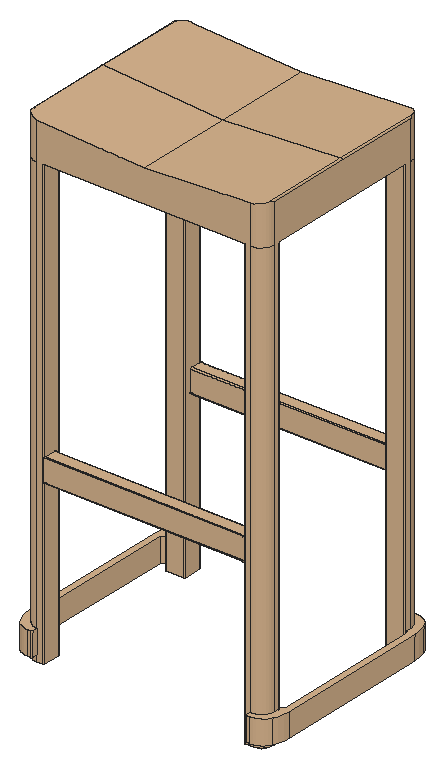
Revit family "Artek_Bar Stools_Atelier Bar Stool _Atelier Bar Stool_quick_ship", category Furniture, Revit 2018
Family settings
  OmniClass Number = 23.40.20.14.14.17
  OmniClass Title = Stools
  Work Plane-Based = No
  Always vertical = Yes
  Cut with Voids When Loaded = No
  Shared = No
  Room Calculation Point = No
Parameters (values of type "Atelier Bar Stool 28104703")
  WarrantyStartDate [instance] = "n/a"
  WarrantyGuarantorParts = "n/a"
  WarrantyGuarantorLabor = "n/a"
  WarrantyDurationUnit = "Years"
  WarrantyDurationParts = "n/a"
  WarrantyDurationLabor = "n/a"
  WarrantyDescription = "n/a"
  VersionDate = "11/3/2020"  # constant formula
  Version = "1"  # constant formula
  Uniclass2015Reference = "Pr_40_50_12_85"
  Uniclass2015Description = "Stools"
  Uniclass2 = "Pr_40_50_12_83"
  URL = "https://www.artek.fi/en/products/atelier-bar-stool"
  Type Comments = ""
  TagNumber [instance] = "n/a"
  SustainabilityPerformance = "n/a"
  Style = "n/a"
  StoolControl = atelier_bar_stool_75 : atelier_bar_stool_75
  Size = "400x750x320 mm"
  Shape = "Sculptured"
  SerialNumber [instance] = "n/a"
  SeatingHeight = NominalHeight  # 750 mm
  Revision = "n/a"
  ReplacementCost = "n/a"
  ProductInformation = "n/a"
  Product data url = ""
  NominalLength = 397 mm
  NominalHeight = 750 mm
  NominalDepth = 319.954 mm
  Name = "Atelier Bar Stool"
  NBSReference = "45-35-20/365"
  NBSDescription = "Domestic chairs"
  ModelReference = "n/a"
  ModelNumber = "28104703"
  Material = "Wood"
  ManufacturerURL = "https://www.artek.fi/"
  ManufacturerName = "Artek"
  Model = "Atelier Bar Stool 28104703"
  Manufacturer = "Artek"
  MainColor = "Natural oak"
  LowestSeatingHeight = SeatingHeight  # 750 mm
  InstallationDate [instance] = "n/a"
  IfcExportType = "CHAIR"  # constant formula
  IfcExportAs = "IfcFurnishingElementType"  # constant formula
  HighestSeatingHeight = SeatingHeight  # 750 mm
  Grade = "n/a"
  Finish = "n/a"
  Features = "n/a"
  ExpectedLife = "n/a"
  DurationUnit = "Years"
  Designer = "TAF Studio"
  Cost = 0
  ConvergoRefNr = "0190-2009-0052-FI"
  Constituents = "n/a"
  Color = "Natural oak"
  Collection = "Atelier Bar Stool "
  CodePerformance = "n/a"
  ChairMainMaterial = Natural oak
  Barcode [instance] = "n/a"
  AssetIdentifier [instance] = "n/a"
  Category = "Bar Stools"
  Brand = "Artek"
  BIMObjectName = "Artek_Bar Stools_Atelier Bar Stool _Atelier Bar Stool"  # constant formula
  Author = "Convergo AB"  # constant formula
  AssetType = "Movable"
  AccessibilityPerformance = "n/a"
Types (13, lengths in mm): name | StoolControl | Size | SeatingHeight | NominalHeight | ModelNumber | Model | MainColor | LowestSeatingHeight | HighestSeatingHeight | ConvergoRefNr | Color | ChairMainMaterial
  (no name) | atelier_bar_stool_75 : atelier_bar_stool_75 | "400x750x320 mm" | 750 | 750 | "28104703" | "Atelier Bar Stool 28104703" | "Natural oak" | 750 | 750 | "0190-2009-0052-FI" | "Natural oak" | Natural oak
  Atelier Bar Stool 28104601 | atelier_bar_stool_65 : atelier_bar_stool_65 | "400x650x320 mm" | 650 | 650 | "28104601" | "Atelier Bar Stool 28104601" | "Natural beech" | 650 | 650 | "0190-2009-0051-FI" | "Natural beech" | Natural Beech
  Atelier Bar Stool 28104602 | atelier_bar_stool_65 : atelier_bar_stool_65 | "400x650x320 mm" | 650 | 650 | "28104602" | "Atelier Bar Stool 28104602" | "Natural ash" | 650 | 650 | "0190-2009-0051-FI" | "Natural ash" | Natural Ash
  Atelier Bar Stool 28104603 | atelier_bar_stool_65 : atelier_bar_stool_65 | "400x650x320 mm" | 650 | 650 | "28104603" | "Atelier Bar Stool 28104603" | "Natural oak" | 650 | 650 | "0190-2009-0051-FI" | "Natural oak" | Natural oak
  Atelier Bar Stool 28104604 | atelier_bar_stool_65 : atelier_bar_stool_65 | "400x650x320 mm" | 650 | 650 | "28104604" | "Atelier Bar Stool 28104604" | "Black" | 650 | 650 | "0190-2009-0051-FI" | "Black" | Black beech
  Atelier Bar Stool 28104605 | atelier_bar_stool_65 : atelier_bar_stool_65 | "400x650x320 mm" | 650 | 650 | "28104605" | "Atelier Bar Stool 28104605" | "Dark red" | 650 | 650 | "0190-2009-0051-FI" | "Dark red" | Dark red Beech
  Atelier Bar Stool 28104606 | atelier_bar_stool_65 : atelier_bar_stool_65 | "400x650x320 mm" | 650 | 650 | "28104606" | "Atelier Bar Stool 28104606" | "Green" | 650 | 650 | "0190-2009-0051-FI" | "Green" | Green Beech
  Atelier Bar Stool 28104701 | atelier_bar_stool_75 : atelier_bar_stool_75 | "400x750x320 mm" | 750 | 750 | "28104701" | "Atelier Bar Stool 28104701" | "Natural beech" | 750 | 750 | "0190-2009-0052-FI" | "Natural beech" | Natural Beech
  Atelier Bar Stool 28104702 | atelier_bar_stool_75 : atelier_bar_stool_75 | "400x750x320 mm" | 750 | 750 | "28104702" | "Atelier Bar Stool 28104702" | "Natural ash" | 750 | 750 | "0190-2009-0052-FI" | "Natural ash" | Natural Ash
  Atelier Bar Stool 28104703 | atelier_bar_stool_75 : atelier_bar_stool_75 | "400x750x320 mm" | 750 | 750 | "28104703" | "Atelier Bar Stool 28104703" | "Natural oak" | 750 | 750 | "0190-2009-0052-FI" | "Natural oak" | Natural oak
  Atelier Bar Stool 28104704 | atelier_bar_stool_75 : atelier_bar_stool_75 | "400x750x320 mm" | 750 | 750 | "28104704" | "Atelier Bar Stool 28104704" | "Black" | 750 | 750 | "0190-2009-0052-FI" | "Black" | Black beech
  Atelier Bar Stool 28104705 | atelier_bar_stool_75 : atelier_bar_stool_75 | "400x750x320 mm" | 750 | 750 | "28104705" | "Atelier Bar Stool 28104705" | "Dark red" | 750 | 750 | "0190-2009-0052-FI" | "Dark red" | Dark red Beech
  Atelier Bar Stool 28104706 | atelier_bar_stool_75 : atelier_bar_stool_75 | "400x750x320 mm" | 750 | 750 | "28104706" | "Atelier Bar Stool 28104706" | "Green" | 750 | 750 | "0190-2009-0052-FI" | "Green" | Green Beech
Reference planes
  plane 1 "Center (Front/Back)": y = 0
  plane 2: z = 0
  plane 3 "Center (Left/Right)": x = 0
  plane 4: x = -198.5
  plane 5: x = 198.5
  plane 6: y = 159.977
  plane 7: y = -159.977
  plane 8: z = 750
Dimensions and locks
  equal spacing: plane 4, plane 3 "Center (Left/Right)", plane 5
  "NominalLength": plane 4 to plane 5
  equal spacing: plane 7, plane 1 "Center (Front/Back)", plane 6
  "NominalDepth": plane 7 to plane 6
  "NominalHeight": plane 8 to level
  aligned and locked: level to plane 2
Nested families
  nested 1: "atelier_bar_stool_75" at (0, 0, 0), type <- "StoolControl", Body <- "ChairMainMaterial", type "atelier_bar_stool_75"
    with Body Natural oak
Definition of nested family "atelier_bar_stool_75"
  Parameters (values of type "atelier_bar_stool_75")
    Body [instance] = none
  Reference planes
    plane 1 "Center (Front/Back)": y = 0
    plane 2: z = 0
    plane 3 "Center (Left/Right)": x = 0
    plane 4: z = 0
    plane 5: z = 650
    plane 6: z = 750
  Forms (mm)
    Extrusion 1, solid, material <- "Body", detail levels medium+fine
      sketch origin (0, 0, 0) x (1, 0, 0) y (0, 1, 0)
        loop
          line (-153.5, 121.993) -> (-153.5, 147.983)
          arc (-153.5, 147.983) -> (-154.092, 149.411) -> (-155.52, 150.003) r 2.02
          line (-155.52, 150.003) -> (-163.5, 150.003)
          arc (-163.5, 150.003) -> (-177.642, 144.145) -> (-183.5, 130.003) r 20
          line (-183.5, 130.003) -> (-183.5, 121.982)
          arc (-183.5, 121.982) -> (-182.92, 120.583) -> (-181.521, 120.003) r 1.979
          line (-181.521, 120.003) -> (-155.49, 120.003)
          arc (-155.49, 120.003) -> (-154.083, 120.586) -> (-153.5, 121.993) r 1.99
        loop
          arc (153.5, 121.993) -> (154.083, 120.586) -> (155.49, 120.003) r 1.99
          line (155.49, 120.003) -> (181.521, 120.003)
          arc (181.521, 120.003) -> (182.92, 120.583) -> (183.5, 121.982) r 1.979
          line (183.5, 121.982) -> (183.5, 130.003)
          arc (183.5, 130.003) -> (177.642, 144.145) -> (163.5, 150.003) r 20
          line (163.5, 150.003) -> (155.52, 150.003)
          arc (155.52, 150.003) -> (154.092, 149.411) -> (153.5, 147.983) r 2.02
          line (153.5, 147.983) -> (153.5, 121.993)
        loop
          arc (-153.5, -121.993) -> (-154.083, -120.586) -> (-155.49, -120.003) r 1.99
          line (-155.49, -120.003) -> (-181.521, -120.003)
          arc (-181.521, -120.003) -> (-182.92, -120.583) -> (-183.5, -121.982) r 1.979
          line (-183.5, -121.982) -> (-183.5, -130.003)
          arc (-183.5, -130.003) -> (-177.642, -144.145) -> (-163.5, -150.003) r 20
          line (-163.5, -150.003) -> (-155.52, -150.003)
          arc (-155.52, -150.003) -> (-154.092, -149.411) -> (-153.5, -147.983) r 2.02
          line (-153.5, -147.983) -> (-153.5, -121.993)
        loop
          line (153.5, -121.993) -> (153.5, -147.983)
          arc (153.5, -147.983) -> (154.092, -149.411) -> (155.52, -150.003) r 2.02
          line (155.52, -150.003) -> (163.5, -150.003)
          arc (163.5, -150.003) -> (177.642, -144.145) -> (183.5, -130.003) r 20
          line (183.5, -130.003) -> (183.5, -121.982)
          arc (183.5, -121.982) -> (182.92, -120.583) -> (181.521, -120.003) r 1.979
          line (181.521, -120.003) -> (155.49, -120.003)
          arc (155.49, -120.003) -> (154.083, -120.586) -> (153.5, -121.993) r 1.99
      from 4 to 689.228
    Extrusion 2, solid, material <- "Body", detail levels medium+fine
      sketch origin (0, 0, 100) x (1, 0, 0) y (0, 0, 1)
        loop
          line (-183.5, 589.228) -> (183.5, 589.228) -> (183.5, 647.926)
          arc (183.5, 647.926) -> (182.813, 649.444) -> (181.218, 649.931) r 2.022
          arc (181.218, 649.931) -> (90.798, 641.163) -> (0, 638.237) r 1409.993
          arc (0, 638.237) -> (-90.798, 641.163) -> (-181.218, 649.931) r 1409.993
          arc (-181.218, 649.931) -> (-182.813, 649.444) -> (-183.5, 647.926) r 2.022
          line (-183.5, 647.926) -> (-183.5, 589.228)
      from -150.003 to 0
    Extrusion 3, void
      sketch origin (0, 0, 0) x (1, 0, 0) y (0, 1, 0)
        loop
          line (-163.5, 150.003) -> (-163.5, 152.218) -> (-185.506, 152.218) -> (-185.506, 130.003) -> (-183.5, 130.003)
          arc (-183.5, 130.003) -> (-177.642, 144.145) -> (-163.5, 150.003) r 20
        loop
          line (183.5, 130.003) -> (188.5, 130.003) -> (188.5, 155.003) -> (163.5, 155.003) -> (163.5, 150.003)
          arc (163.5, 150.003) -> (177.642, 144.145) -> (183.5, 130.003) r 20
      from 533.605 to 774.294
    Extrusion 4, solid, material <- "Body", detail levels medium+fine
      sketch origin (0, 0, 100) x (1, 0, 0) y (0, 0, -1)
        loop
          line (-183.5, -589.228) -> (-183.5, -647.926)
          arc (-183.5, -647.926) -> (-182.813, -649.444) -> (-181.218, -649.931) r 2.022
          arc (-181.218, -649.931) -> (-90.798, -641.163) -> (0, -638.237) r 1409.993
          arc (0, -638.237) -> (90.798, -641.163) -> (181.218, -649.931) r 1409.993
          arc (181.218, -649.931) -> (182.813, -649.444) -> (183.5, -647.926) r 2.022
          line (183.5, -647.926) -> (183.5, -589.228) -> (-183.5, -589.228)
      from -150.003 to 0
    Extrusion 5, void
      sketch origin (0, 0, 0) x (1, 0, 0) y (0, 1, 0)
        loop
          arc (-163.5, -150.003) -> (-177.642, -144.145) -> (-183.5, -130.003) r 20
          line (-183.5, -130.003) -> (-185.506, -130.003) -> (-185.506, -152.218) -> (-163.5, -152.218) -> (-163.5, -150.003)
        loop
          arc (183.5, -130.003) -> (177.642, -144.145) -> (163.5, -150.003) r 20
          line (163.5, -150.003) -> (163.5, -155.003) -> (188.5, -155.003) -> (188.5, -130.003) -> (183.5, -130.003)
      from 533.605 to 781.012
    Extrusion 6, solid, material <- "Body", detail levels medium+fine
      sketch origin (0, 0, 100) x (0, 1, 0) y (0, 0, 1)
        loop
          line (148.455, 188.236) -> (131.503, 188.236)
          arc (131.503, 188.236) -> (130.442, 187.797) -> (130.003, 186.736) r 1.5
          line (130.003, 186.736) -> (130.003, 153.736)
          arc (130.003, 153.736) -> (130.442, 152.676) -> (131.503, 152.236) r 1.5
          line (131.503, 152.236) -> (148.508, 152.236)
          arc (148.508, 152.236) -> (149.565, 152.674) -> (150.003, 153.732) r 1.495
          line (150.003, 153.732) -> (150.003, 186.689)
          arc (150.003, 186.689) -> (149.55, 187.783) -> (148.455, 188.236) r 1.548
        loop
          arc (-148.455, 188.236) -> (-149.55, 187.783) -> (-150.003, 186.689) r 1.548
          line (-150.003, 186.689) -> (-150.003, 153.732)
          arc (-150.003, 153.732) -> (-149.565, 152.674) -> (-148.508, 152.236) r 1.495
          line (-148.508, 152.236) -> (-131.503, 152.236)
          arc (-131.503, 152.236) -> (-130.442, 152.676) -> (-130.003, 153.736) r 1.5
          line (-130.003, 153.736) -> (-130.003, 186.736)
          arc (-130.003, 186.736) -> (-130.442, 187.797) -> (-131.503, 188.236) r 1.5
          line (-131.503, 188.236) -> (-148.455, 188.236)
      from -153.679 to 153.5
    Extrusion 7, solid, material <- "Body", detail levels medium+fine
      sketch origin (0, -339.958, 0) x (1, 0, 0) y (0, 1, 0)
        loop
          line (-198.5, 459.963) -> (-198.5, 219.963)
          arc (-198.5, 219.963) -> (-197.067, 206.883) -> (-192.837, 194.423) r 60.42
          arc (-192.837, 194.423) -> (-183.611, 183.905) -> (-170.18, 179.991) r 25
          line (-170.18, 179.991) -> (-165.494, 179.991)
          arc (-165.494, 179.991) -> (-164.058, 180.585) -> (-163.463, 182.021) r 2.03
          line (-163.463, 182.021) -> (-163.463, 189.955)
          arc (-163.463, 189.955) -> (-177.621, 195.814) -> (-183.5, 209.963) r 20.037
          line (-183.5, 209.963) -> (-183.5, 219.963)
          arc (-183.5, 219.963) -> (-187.017, 221.509) -> (-188.462, 225.069) r 5.108
          line (-188.462, 225.069) -> (-188.462, 454.857)
          arc (-188.462, 454.857) -> (-187.017, 458.417) -> (-183.5, 459.963) r 5.108
          line (-183.5, 459.963) -> (-183.5, 469.963)
          arc (-183.5, 469.963) -> (-177.621, 484.112) -> (-163.463, 489.97) r 20.037
          line (-163.463, 489.97) -> (-163.463, 497.905)
          arc (-163.463, 497.905) -> (-164.058, 499.34) -> (-165.494, 499.935) r 2.03
          line (-165.494, 499.935) -> (-168.298, 499.935)
          arc (-168.298, 499.935) -> (-183.916, 495.148) -> (-194.167, 482.43) r 27.868
          arc (-194.167, 482.43) -> (-197.407, 471.403) -> (-198.5, 459.963) r 60.42
      from 14 to 50
    Extrusion 8, solid, material <- "Body", detail levels medium+fine
      sketch origin (0, -339.958, 0) x (-1, 0, 0) y (0, -1, 0)
        loop
          arc (-198.5, -459.963) -> (-197.407, -471.403) -> (-194.167, -482.43) r 60.42
          arc (-194.167, -482.43) -> (-183.916, -495.148) -> (-168.298, -499.935) r 27.868
          line (-168.298, -499.935) -> (-165.494, -499.935)
          arc (-165.494, -499.935) -> (-164.058, -499.34) -> (-163.463, -497.905) r 2.03
          line (-163.463, -497.905) -> (-163.463, -489.97)
          arc (-163.463, -489.97) -> (-177.621, -484.112) -> (-183.5, -469.963) r 20.037
          line (-183.5, -469.963) -> (-183.5, -459.963)
          arc (-183.5, -459.963) -> (-187.017, -458.417) -> (-188.462, -454.857) r 5.108
          line (-188.462, -454.857) -> (-188.462, -225.069)
          arc (-188.462, -225.069) -> (-187.017, -221.509) -> (-183.5, -219.963) r 5.108
          line (-183.5, -219.963) -> (-183.5, -209.963)
          arc (-183.5, -209.963) -> (-177.621, -195.814) -> (-163.463, -189.955) r 20.037
          line (-163.463, -189.955) -> (-163.463, -182.021)
          arc (-163.463, -182.021) -> (-164.058, -180.585) -> (-165.494, -179.991) r 2.03
          line (-165.494, -179.991) -> (-170.18, -179.991)
          arc (-170.18, -179.991) -> (-183.611, -183.905) -> (-192.837, -194.423) r 25
          arc (-192.837, -194.423) -> (-197.067, -206.883) -> (-198.5, -219.963) r 60.42
          line (-198.5, -219.963) -> (-198.5, -459.963)
      from 14 to 50
    Revolve 9, solid, material <- "Body", detail levels medium+fine
      sketch origin (-168.518, -338.181, 0) x (0, 1, 0) y (0, 0, 1)
        loop
          line (202.963, 0) -> (202.963, 4) -> (194.016, 4)
          arc (194.016, 4) -> (194.389, 1.873) -> (195.463, 0) r 6.251
          line (195.463, 0) -> (202.963, 0)
        axis (202.963, 4) -> (202.963, 0)
      angle from 0 to 360
    Revolve 10, solid, material <- "Body", detail levels medium+fine
      sketch origin (-168.518, 338.181, 0) x (0, -1, 0) y (0, 0, -1)
        loop
          line (202.963, 0) -> (195.463, 0)
          arc (195.463, 0) -> (194.389, -1.873) -> (194.016, -4) r 6.251
          line (194.016, -4) -> (202.963, -4) -> (202.963, 0)
        axis (202.963, -4) -> (202.963, 0)
      angle from 0 to 360
    Revolve 11, solid, material <- "Body", detail levels medium+fine
      sketch origin (168.518, -338.181, 0) x (0, 1, 0) y (0, 0, -1)
        loop
          line (202.963, 0) -> (195.463, 0)
          arc (195.463, 0) -> (194.389, -1.873) -> (194.016, -4) r 6.251
          line (194.016, -4) -> (202.963, -4) -> (202.963, 0)
        axis (202.963, -4) -> (202.963, 0)
      angle from 0 to 360
    Revolve 12, solid, material <- "Body", detail levels medium+fine
      sketch origin (168.518, 338.181, 0) x (0, -1, 0) y (0, 0, 1)
        loop
          line (202.963, 0) -> (202.963, 4) -> (194.016, 4)
          arc (194.016, 4) -> (194.389, 1.873) -> (195.463, 0) r 6.251
          line (195.463, 0) -> (202.963, 0)
        axis (202.963, 4) -> (202.963, 0)
      angle from 0 to 360
    Extrusion 13, void
      sketch origin (0, 0, 0) x (1, 0, 0) y (0, 1, 0)
        loop
          line (-153.5, 120.037) -> (-153.5, -120.003) -> (153.5, -120.003) -> (153.5, 120.037) -> (-153.5, 120.037)
      from 682.545 to 728.526
    Extrusion 14, solid, material <- "Body", detail levels coarse
      sketch origin (0, 0, 0) x (1, 0, 0) y (0, 1, 0)
        loop
          line (-198.5, 0.005) -> (-198.5, -159.977) -> (0, -159.977) -> (198.5, -159.977) -> (198.5, 0.005) -> (198.5, 159.977) -> (0, 159.977) -> (-198.5, 159.977) -> (-198.5, 0.005)
      from 0 to 750
  Cuts and joins
    Extrusion 3, Extrusion 5 cuts Extrusion 1
    Extrusion 3, Extrusion 5, Extrusion 13 cuts Extrusion 2
    Extrusion 5, Extrusion 13 cuts Extrusion 4
    joined: Extrusion 1, Extrusion 2, Extrusion 4, Revolve 9, Revolve 11, Revolve 12
    joined: Extrusion 7, Revolve 10
  Lines and regions (mm)
    symbolic lines, detail levels medium+fine
      curve 1: line (0, 150.003, 0) -> (-163.463, 150.003, 0)
      curve 2: line (-163.463, 157.947, 0) -> (-163.463, 150.003, 0)
      curve 3: arc (-165.494, 159.977, 0) -> (-164.058, 159.382, 0) -> (-163.463, 157.947, 0) r 2.03
      curve 4: line (-165.494, 159.977, 0) -> (-168.298, 159.977, 0)
      curve 5: arc (-168.298, 159.977, 0) -> (-183.916, 155.189, 0) -> (-194.167, 142.472, 0) r 27.868
      curve 6: arc (-194.167, 142.472, 0) -> (-197.407, 131.445, 0) -> (-198.5, 120.005, 0) r 60.42
      curve 7: line (-198.5, 120.005, 0) -> (-198.5, -119.995, 0)
      curve 8: arc (-198.5, -119.995, 0) -> (-197.067, -133.076, 0) -> (-192.837, -145.535, 0) r 60.42
      curve 9: arc (-192.837, -145.535, 0) -> (-183.611, -156.053, 0) -> (-170.18, -159.968, 0) r 25
      curve 10: line (-170.18, -159.968, 0) -> (-165.494, -159.968, 0)
      curve 11: arc (-165.494, -159.968, 0) -> (-164.058, -159.373, 0) -> (-163.463, -157.937, 0) r 2.03
      curve 12: line (-163.463, -157.937, 0) -> (-163.463, -150.003, 0)
      curve 13: line (-163.463, -150.003, 0) -> (0, -150.003, 0)
      curve 22: line (0, 150.003, 0) -> (163.463, 150.003, 0)
      curve 23: line (163.463, 157.947, 0) -> (163.463, 150.003, 0)
      curve 24: arc (165.494, 159.977, 0) -> (164.058, 159.382, 0) -> (163.463, 157.947, 0) r 2.03
      curve 25: line (165.494, 159.977, 0) -> (168.298, 159.977, 0)
      curve 26: arc (168.298, 159.977, 0) -> (183.916, 155.189, 0) -> (194.167, 142.472, 0) r 27.868
      curve 27: arc (194.167, 142.472, 0) -> (197.407, 131.445, 0) -> (198.5, 120.005, 0) r 60.42
      curve 28: line (198.5, 120.005, 0) -> (198.5, -119.995, 0)
      curve 29: arc (198.5, -119.995, 0) -> (197.067, -133.076, 0) -> (192.837, -145.535, 0) r 60.42
      curve 30: arc (192.837, -145.535, 0) -> (183.611, -156.053, 0) -> (170.18, -159.968, 0) r 25
      curve 31: line (170.18, -159.968, 0) -> (165.494, -159.968, 0)
      curve 32: arc (165.494, -159.968, 0) -> (164.058, -159.373, 0) -> (163.463, -157.937, 0) r 2.03
      curve 33: line (163.463, -157.937, 0) -> (163.463, -150.003, 0)
      curve 34: line (163.463, -150.003, 0) -> (0, -150.003, 0)
      curve 43: line (-183.479, 0, 747.918) -> (-183.479, 0, 50)
      curve 44: line (-183.479, 0, 50) -> (-198.5, 0, 50)
      curve 45: line (-198.5, 0, 50) -> (-198.5, 0, 14)
      curve 46: line (-198.5, 0, 14) -> (-183.5, 0, 14)
      curve 47: line (-183.5, 0, 14) -> (-183.5, 0, 4)
      curve 48: line (-183.5, 0, 4) -> (-177.466, 0, 4)
      curve 49: arc (-176.018, 0, 0) -> (-177.093, 0, 1.873) -> (-177.466, 0, 4) r 6.251
      curve 50: line (-176.018, 0, 0) -> (-161.018, 0, 0)
      curve 51: line (-153.5, 0, 4) -> (-159.571, 0, 4)
      curve 52: arc (-161.018, 0, 0) -> (-159.944, 0, 1.873) -> (-159.571, 0, 4) r 6.251
      curve 53: line (-153.5, 0, 4) -> (-153.5, 0, 252.304)
      curve 54: line (-153.5, 0, 252.304) -> (0, 0, 252.304)
      curve 55: arc (-181.218, 0, 749.931) -> (-182.8, 0, 749.432) -> (-183.479, 0, 747.918) r 2.026
      curve 56: arc (0, 0, 738.237) -> (-90.76, 0, 741.747) -> (-181.218, 0, 749.931) r 1761.733
      curve 65: line (183.479, 0, 747.918) -> (183.479, 0, 50)
      curve 66: line (183.479, 0, 50) -> (198.5, 0, 50)
      curve 67: line (198.5, 0, 50) -> (198.5, 0, 14)
      curve 68: line (198.5, 0, 14) -> (183.5, 0, 14)
      curve 69: line (183.5, 0, 14) -> (183.5, 0, 4)
      curve 70: line (183.5, 0, 4) -> (177.466, 0, 4)
      curve 71: arc (176.018, 0, 0) -> (177.093, 0, 1.873) -> (177.466, 0, 4) r 6.251
      curve 72: line (176.018, 0, 0) -> (161.018, 0, 0)
      curve 73: line (153.5, 0, 4) -> (159.571, 0, 4)
      curve 74: arc (161.018, 0, 0) -> (159.944, 0, 1.873) -> (159.571, 0, 4) r 6.251
      curve 75: line (153.5, 0, 4) -> (153.5, 0, 252.304)
      curve 76: line (153.5, 0, 252.304) -> (0, 0, 252.304)
      curve 77: arc (181.218, 0, 749.931) -> (182.8, 0, 749.432) -> (183.479, 0, 747.918) r 2.026
      curve 78: arc (0, 0, 738.237) -> (90.76, 0, 741.747) -> (181.218, 0, 749.931) r 1761.733
      curve 87: line (0, 139.28, 749.931) -> (0, 0, 749.931)
      curve 88: line (0, 150.001, 747.748) -> (0, 150.001, 50)
      curve 89: line (0, 150.001, 50) -> (0, 159.977, 50)
      curve 90: line (0, 159.977, 50) -> (0, 159.977, 14)
      curve 91: line (0, 159.977, 14) -> (0, 150.012, 14)
      curve 92: line (0, 150.012, 14) -> (0, 150.012, 4)
      curve 93: line (0, 150.012, 4) -> (0, 144.164, 4)
      curve 94: arc (0, 142.719, 0) -> (0, 143.791, 1.874) -> (0, 144.164, 4) r 6.259
      curve 95: line (0, 142.719, 0) -> (0, 127.719, 0)
      curve 96: line (0, 120.003, 4) -> (0, 126.271, 4)
      curve 97: arc (0, 127.719, 0) -> (0, 126.644, 1.873) -> (0, 126.271, 4) r 6.251
      curve 98: line (0, 120.003, 4) -> (0, 120.003, 14)
      curve 99: line (0, 120.003, 14) -> (0, 0, 14)
      curve 100: arc (0, 148.846, 748.599) -> (0, 144.109, 749.596) -> (0, 139.28, 749.931) r 35.034
      curve 101: arc (0, 150.001, 747.748) -> (0, 149.5, 748.279) -> (0, 148.846, 748.599) r 2.047
      curve 106: line (0, -139.28, 749.931) -> (0, 0, 749.931)
      curve 107: line (0, -150.001, 747.748) -> (0, -150.001, 50)
      curve 108: line (0, -150.001, 50) -> (0, -159.977, 50)
      curve 109: line (0, -159.977, 50) -> (0, -159.977, 14)
      curve 110: line (0, -159.977, 14) -> (0, -150.012, 14)
      curve 111: line (0, -150.012, 14) -> (0, -150.012, 4)
      curve 112: line (0, -150.012, 4) -> (0, -144.164, 4)
      curve 113: arc (0, -142.719, 0) -> (0, -143.791, 1.874) -> (0, -144.164, 4) r 6.259
      curve 114: line (0, -142.719, 0) -> (0, -127.719, 0)
      curve 115: line (0, -120.003, 4) -> (0, -126.271, 4)
      curve 116: arc (0, -127.719, 0) -> (0, -126.644, 1.873) -> (0, -126.271, 4) r 6.251
      curve 117: line (0, -120.003, 4) -> (0, -120.003, 14)
      curve 118: line (0, -120.003, 14) -> (0, 0, 14)
      curve 119: arc (0, -148.846, 748.599) -> (0, -144.109, 749.596) -> (0, -139.28, 749.931) r 35.034
      curve 120: arc (0, -150.001, 747.748) -> (0, -149.5, 748.279) -> (0, -148.846, 748.599) r 2.047
    symbolic lines, detail levels fine
      curve 14: arc (-163.5, -150.003, 0) -> (-177.642, -144.145, 0) -> (-183.5, -130.003, 0) r 20
      curve 15: line (-183.5, -130.003, 0) -> (-183.5, -119.995, 0)
      curve 16: arc (-183.5, 130.003, 0) -> (-177.642, 144.145, 0) -> (-163.5, 150.003, 0) r 20
      curve 17: line (-183.5, 120.005, 0) -> (-183.5, 130.003, 0)
      curve 18: arc (-188.462, 114.898, 0) -> (-187.017, 118.458, 0) -> (-183.5, 120.005, 0) r 5.108
      curve 19: line (-188.462, -114.889, 0) -> (-188.462, 114.898, 0)
      curve 20: arc (-183.5, -119.995, 0) -> (-187.017, -118.449, 0) -> (-188.462, -114.889, 0) r 5.108
      curve 21: line (-183.5, -119.995, 0) -> (-183.5, 120.005, 0)
      curve 35: arc (163.5, -150.003, 0) -> (177.642, -144.145, 0) -> (183.5, -130.003, 0) r 20
      curve 36: line (183.5, -130.003, 0) -> (183.5, -119.995, 0)
      curve 37: arc (183.5, 130.003, 0) -> (177.642, 144.145, 0) -> (163.5, 150.003, 0) r 20
      curve 38: line (183.5, 120.005, 0) -> (183.5, 130.003, 0)
      curve 39: arc (188.462, 114.898, 0) -> (187.017, 118.458, 0) -> (183.5, 120.005, 0) r 5.108
      curve 40: line (188.462, -114.889, 0) -> (188.462, 114.898, 0)
      curve 41: arc (183.5, -119.995, 0) -> (187.017, -118.449, 0) -> (188.462, -114.889, 0) r 5.108
      curve 42: line (183.5, -119.995, 0) -> (183.5, 120.005, 0)
      curve 57: line (0, 0, 689.228) -> (-153.5, 0, 689.228)
      curve 58: line (-153.5, 0, 689.228) -> (-153.5, 0, 288.218)
      curve 59: line (-153.5, 0, 288.218) -> (0, 0, 288.218)
      curve 60: line (-153.5, 0, 288.218) -> (-153.5, 0, 252.304)
      curve 61: line (-183.5, 0, 14) -> (-163.463, 0, 14)
      curve 62: line (-163.463, 0, 14) -> (-163.463, 0, 50)
      curve 63: line (-163.463, 0, 50) -> (-183.479, 0, 50)
      curve 64: line (-177.466, 0, 4) -> (-159.571, 0, 4)
      curve 79: line (0, 0, 689.228) -> (153.5, 0, 689.228)
      curve 80: line (153.5, 0, 689.228) -> (153.5, 0, 288.218)
      curve 81: line (153.5, 0, 288.218) -> (0, 0, 288.218)
      curve 82: line (153.5, 0, 288.218) -> (153.5, 0, 252.304)
      curve 83: line (183.5, 0, 14) -> (163.463, 0, 14)
      curve 84: line (163.463, 0, 14) -> (163.463, 0, 50)
      curve 85: line (163.463, 0, 50) -> (183.479, 0, 50)
      curve 86: line (177.466, 0, 4) -> (159.571, 0, 4)
      curve 102: line (0, 0.017, 689.228) -> (0, 120.037, 689.228)
      curve 103: line (0, 120.037, 689.228) -> (0, 120.037, 50)
      curve 104: line (0, 150.001, 50) -> (0, 0.005, 50)
      curve 105: line (0, 150.012, 14) -> (0, 120.003, 14)
      curve 121: line (0, 0.017, 689.228) -> (0, -120.037, 689.228)
      curve 122: line (0, -120.037, 689.228) -> (0, -120.037, 50)
      curve 123: line (0, -150.001, 50) -> (0, 0.005, 50)
      curve 124: line (0, -150.012, 14) -> (0, -120.003, 14)
      curve 125: line (0, 126.271, 4) -> (0, 144.164, 4)
      curve 126: line (0, -126.271, 4) -> (0, -144.164, 4)
  Dimensions and locks
    aligned and locked: level to plane 2
